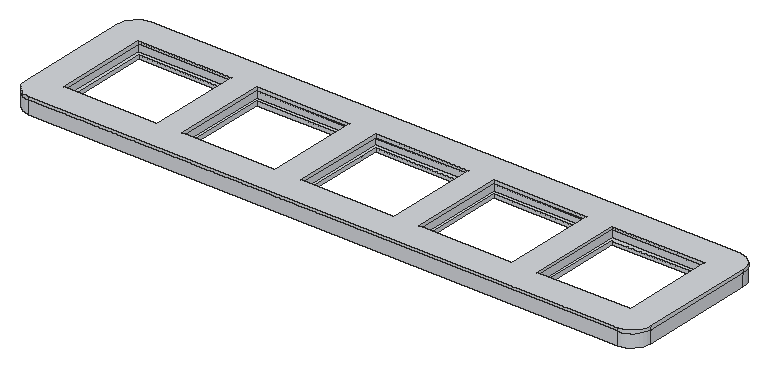
Revit family "Gira_0215421", category Electrical Fixtures, host Face, Revit 2017
Family settings
  Host = Face
  Maintain Annotation Orientation = No
  Round Connector Dimension = Use Diameter
  Part Type = Normal
  Cut with Voids When Loaded = No
  Shared = No
  Room Calculation Point = No
Parameters (values of type "Cov.fr. 5-g Gira E3 light grey/anthra.")
  URL = "http://katalog.gira.de/en/datenblatt.html?artikelnr=0215421"
  Transparent = "No"
  Name = "Cov.fr. 5-g Gira E3 light grey/anthra."
  Manufacturer URL = "https://www.gira.de/"
  Manufacturer = "Gira"
  Keynote = ""
  HeinzeBIM = "https://bimportal.heinze.de/bim/cov-fr-5-g-gira-e3-light-grey-anthra-/3a1a1fc6c2af92630d6317ee3a4c1f23f9a911ea"
  HAN = "0215421"
  GTIN = "4010337023876"
  Description = "Cov.fr.5g E3 LgyAn,Gira E3 cover frame,light grey soft touch with anthracite intermediate frame,5-gang,Features:,- Shatter-proof.,,Notes :,- Soft-touch surface,- NCS value: approx. NCS S-2000 N"
  Default Elevation = 1219.2 mm
  Data sheet (1) = "https://katalog.gira.de/en/download.html?artikelnr=0215421"
  Category = "Cover frame for domestic switching devices"
  BIM (1) = "https://media.stage.bim.site/public/gira/36a6b08/E3_Rahmen_5fach.rfa"
  Available = "No"
Reference planes
  plane 1 "Center (Front/Back)": y = 0
  plane 2: z = 0
  plane 3 "Center (Left/Right)": x = 0
Forms (mm)
  Extrusion 1, solid, detail levels fine
    sketch origin (0, 0, 0) x (1, 0, 0) y (0, 1, 0)
      loop
        arc (-177.4, 45.809) -> (-185.185, 42.585) -> (-188.409, 34.8) r 11.009
        line (-188.409, 34.8) -> (-188.409, -34.8)
        arc (-188.409, -34.8) -> (-185.185, -42.585) -> (-177.4, -45.809) r 11.009
        line (-177.4, -45.809) -> (177.4, -45.809)
        arc (177.4, -45.809) -> (185.185, -42.585) -> (188.409, -34.8) r 11.009
        line (188.409, -34.8) -> (188.409, 34.8)
        arc (188.409, 34.8) -> (185.185, 42.585) -> (177.4, 45.809) r 11.009
        line (177.4, 45.809) -> (-177.4, 45.809)
      loop
        line (-114.5, 28.187) -> (-170.756, 28.187) -> (-170.756, -28.187) -> (-114.5, -28.187) -> (-114.5, 28.187)
      loop
        line (-99.6, 28.187) -> (-99.6, -28.187) -> (-43.344, -28.187) -> (-43.344, 28.187) -> (-99.6, 28.187)
      loop
        line (114.5, 28.187) -> (114.5, -28.187) -> (170.756, -28.187) -> (170.756, 28.187) -> (114.5, 28.187)
      loop
        line (28.301, 28.187) -> (-27.955, 28.187) -> (-27.955, -28.187) -> (28.301, -28.187) -> (28.301, 28.187)
      loop
        line (43.143, 28.187) -> (43.143, -28.187) -> (99.399, -28.187) -> (99.399, 28.187) -> (43.143, 28.187)
    from 7.65 to 9.5
  Extrusion 2, solid, detail levels fine
    sketch origin (-142.8, 0, 0) x (1, 0, 0) y (0, 1, 0)
      loop
        line (26.1, 25.7) -> (-25.7, 25.7) -> (-25.7, -25.7) -> (26.1, -25.7) -> (26.1, 25.7)
      loop
        line (-28.187, -28.156) -> (28.187, -28.156) -> (28.187, 28.156) -> (-28.187, 28.156) -> (-28.187, -28.156)
    from 1.65 to 3.9
  Extrusion 3, solid, detail levels fine
    sketch origin (0, 0, 0) x (1, 0, 0) y (0, 1, 0)
      loop
        arc (-177.4, 45.809) -> (-185.185, 42.585) -> (-188.409, 34.8) r 11.009
        line (-188.409, 34.8) -> (-188.409, -34.8)
        arc (-188.409, -34.8) -> (-185.185, -42.585) -> (-177.4, -45.809) r 11.009
        line (-177.4, -45.809) -> (177.4, -45.809)
        arc (177.4, -45.809) -> (185.185, -42.585) -> (188.409, -34.8) r 11.009
        line (188.409, -34.8) -> (188.409, 34.8)
        arc (188.409, 34.8) -> (185.185, 42.585) -> (177.4, 45.809) r 11.009
        line (177.4, 45.809) -> (-177.4, 45.809)
      loop
        line (-186.443, 34.785) -> (-186.443, -34.785)
        arc (-186.443, -34.785) -> (-183.79, -41.19) -> (-177.385, -43.843) r 9.058
        line (-177.385, -43.843) -> (177.385, -43.843)
        arc (177.385, -43.843) -> (183.79, -41.19) -> (186.443, -34.785) r 9.058
        line (186.443, -34.785) -> (186.443, 34.785)
        arc (186.443, 34.785) -> (183.79, 41.19) -> (177.385, 43.843) r 9.058
        line (177.385, 43.843) -> (-177.385, 43.843)
        arc (-177.385, 43.843) -> (-183.79, 41.19) -> (-186.443, 34.785) r 9.058
    from 0 to 7.65
  Extrusion 4, solid, detail levels fine
    sketch origin (-35.75, 0, 0) x (1, 0, 0) y (0, 1, 0)
      loop
        line (-134.256, -31.075) -> (205.755, -31.075)
        arc (205.755, -31.075) -> (208.399, -29.98) -> (209.494, -27.337) r 3.739
        line (209.494, -27.337) -> (209.494, 27.337)
        arc (209.494, 27.337) -> (208.399, 29.98) -> (205.755, 31.075) r 3.739
        line (205.755, 31.075) -> (-134.256, 31.075)
        arc (-134.256, 31.075) -> (-136.899, 29.98) -> (-137.994, 27.337) r 3.739
        line (-137.994, 27.337) -> (-137.994, -27.337)
        arc (-137.994, -27.337) -> (-136.899, -29.98) -> (-134.256, -31.075) r 3.739
      loop
        line (-136.844, 27.537) -> (-136.844, -27.537)
        arc (-136.844, -27.537) -> (-136.145, -29.226) -> (-134.456, -29.925) r 2.389
        line (-134.456, -29.925) -> (205.955, -29.925)
        arc (205.955, -29.925) -> (207.644, -29.226) -> (208.344, -27.537) r 2.389
        line (208.344, -27.537) -> (208.344, 27.537)
        arc (208.344, 27.537) -> (207.644, 29.226) -> (205.955, 29.925) r 2.389
        line (205.955, 29.925) -> (-134.456, 29.925)
        arc (-134.456, 29.925) -> (-136.145, 29.226) -> (-136.844, 27.537) r 2.389
    from 1.65 to 7.65
  Extrusion 5, solid, detail levels fine
    sketch origin (0, 0, 0) x (1, 0, 0) y (0, 1, 0)
      loop
        line (-174.653, -39.8) -> (174.653, -39.8)
        arc (174.653, -39.8) -> (180.267, -36.708) -> (182.5, -30.7) r 9.2
        line (182.5, -30.7) -> (182.5, 30.7)
        arc (182.5, 30.7) -> (179.805, 37.205) -> (173.3, 39.9) r 9.2
        line (173.3, 39.9) -> (-173.3, 39.9)
        arc (-173.3, 39.9) -> (-179.805, 37.205) -> (-182.5, 30.7) r 9.2
        line (-182.5, 30.7) -> (-182.5, -30.7)
        arc (-182.5, -30.7) -> (-180.267, -36.708) -> (-174.653, -39.8) r 9.2
      loop
        line (-173.3, -31.7) -> (173.3, -31.7)
        arc (173.3, -31.7) -> (174.007, -31.407) -> (174.3, -30.7) r 1
        line (174.3, -30.7) -> (174.3, 30.7)
        arc (174.3, 30.7) -> (174.007, 31.407) -> (173.3, 31.7) r 1
        line (173.3, 31.7) -> (-173.3, 31.7)
        arc (-173.3, 31.7) -> (-174.007, 31.407) -> (-174.3, 30.7) r 1
        line (-174.3, 30.7) -> (-174.3, -30.7)
        arc (-174.3, -30.7) -> (-174.007, -31.407) -> (-173.3, -31.7) r 1
    from 1.65 to 3.9
  Extrusion 6, solid, detail levels fine
    sketch origin (-142.8, 0, 0) x (1, 0, 0) y (0, 1, 0)
      loop
        line (-28.187, 28.156) -> (-28.187, -28.156) -> (28.187, -28.156) -> (28.187, 28.156) -> (-28.187, 28.156)
      loop
        line (-29.925, 29.925) -> (-29.925, -29.925) -> (29.925, -29.925) -> (29.925, 29.925) -> (-29.925, 29.925)
    from 1.65 to 7.65
  Extrusion 7, solid, detail levels coarse+medium
    sketch origin (0, 0, 0) x (1, 0, 0) y (0, 1, 0)
      loop
        line (-188.409, 45.809) -> (-188.409, -45.809) -> (188.409, -45.809) -> (188.409, 45.809) -> (-188.409, 45.809)
    from 0 to 9.5
  Extrusion 8, solid, detail levels fine
    sketch origin (-71.3, 0, 0) x (-1, 0, 0) y (0, -1, 0)
      loop
        line (25.9, -25.7) -> (25.9, 25.7) -> (-25.9, 25.7) -> (-25.9, -25.7) -> (25.9, -25.7)
      loop
        line (-28.187, 28.156) -> (-28.187, -28.156) -> (28.187, -28.156) -> (28.187, 28.156) -> (-28.187, 28.156)
    from 1.65 to 3.9
  Extrusion 9, solid, detail levels fine
    sketch origin (-71.3, 0, 0) x (-1, 0, 0) y (0, -1, 0)
      loop
        line (-28.187, -28.156) -> (28.187, -28.156) -> (28.187, 28.156) -> (-28.187, 28.156) -> (-28.187, -28.156)
      loop
        line (-29.925, -29.925) -> (29.925, -29.925) -> (29.925, 29.925) -> (-29.925, 29.925) -> (-29.925, -29.925)
    from 1.65 to 7.65
  Extrusion 10, solid, detail levels fine
    sketch origin (0.2, 0, 0) x (-1, 0, 0) y (0, -1, 0)
      loop
        line (26.1, -25.7) -> (26.1, 25.7) -> (-25.7, 25.7) -> (-25.7, -25.7) -> (26.1, -25.7)
      loop
        line (-28.187, 28.156) -> (-28.187, -28.156) -> (28.187, -28.156) -> (28.187, 28.156) -> (-28.187, 28.156)
    from 1.65 to 3.9
  Extrusion 11, solid, detail levels fine
    sketch origin (0.2, 0, 0) x (-1, 0, 0) y (0, -1, 0)
      loop
        line (-28.187, -28.156) -> (28.187, -28.156) -> (28.187, 28.156) -> (-28.187, 28.156) -> (-28.187, -28.156)
      loop
        line (-29.925, -29.925) -> (29.925, -29.925) -> (29.925, 29.925) -> (-29.925, 29.925) -> (-29.925, -29.925)
    from 1.65 to 7.65
  Extrusion 12, solid, detail levels fine
    sketch origin (71.5, 0, 0) x (-1, 0, 0) y (0, -1, 0)
      loop
        line (26.1, -25.7) -> (26.1, 25.7) -> (-25.7, 25.7) -> (-25.7, -25.7) -> (26.1, -25.7)
      loop
        line (-28.187, 28.156) -> (-28.187, -28.156) -> (28.187, -28.156) -> (28.187, 28.156) -> (-28.187, 28.156)
    from 1.65 to 3.9
  Extrusion 13, solid, detail levels fine
    sketch origin (71.5, 0, 0) x (-1, 0, 0) y (0, -1, 0)
      loop
        line (-28.187, -28.156) -> (28.187, -28.156) -> (28.187, 28.156) -> (-28.187, 28.156) -> (-28.187, -28.156)
      loop
        line (-29.925, -29.925) -> (29.925, -29.925) -> (29.925, 29.925) -> (-29.925, 29.925) -> (-29.925, -29.925)
    from 1.65 to 7.65
  Extrusion 14, solid, detail levels fine
    sketch origin (142.8, 0, 0) x (-1, 0, 0) y (0, -1, 0)
      loop
        line (26.1, -25.7) -> (26.1, 25.7) -> (-25.7, 25.7) -> (-25.7, -25.7) -> (26.1, -25.7)
      loop
        line (-28.187, 28.156) -> (-28.187, -28.156) -> (28.187, -28.156) -> (28.187, 28.156) -> (-28.187, 28.156)
    from 1.65 to 3.9
  Extrusion 15, solid, detail levels fine
    sketch origin (142.8, 0, 0) x (-1, 0, 0) y (0, -1, 0)
      loop
        line (-28.187, -28.156) -> (28.187, -28.156) -> (28.187, 28.156) -> (-28.187, 28.156) -> (-28.187, -28.156)
      loop
        line (-29.925, -29.925) -> (29.925, -29.925) -> (29.925, 29.925) -> (-29.925, 29.925) -> (-29.925, -29.925)
    from 1.65 to 7.65
Dimensions and locks
  aligned and locked: plane 2 to host face
  aligned and locked: level to host face
